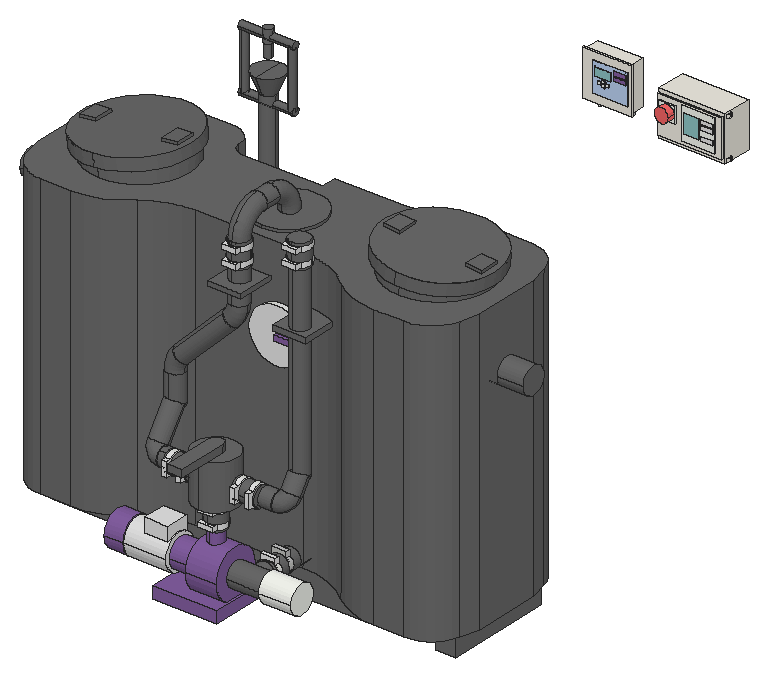
Revit family "93004.02_ms", category Generic Models, Revit 2021
Family settings
  Can host rebar = No
  Round Connector Dimension = Use Diameter
  Part Type = Normal
  Work Plane-Based = No
  Always vertical = Yes
  Cut with Voids When Loaded = No
  Shared = Yes
  Room Calculation Point = No
Parameters (values of type "93004.02_MS")
  SUPPLIER = "KESSEL"
  SA810ID06 = "4026092065037"
  SA810ID03 = "93004.02/MS"
  SA71009ID06 = 3000 W
  SA71009ID05 = 3600 W
  SA71009ID04 = 1
  SA700ID17 = 1055 mm
  SA700ID14 = "ohne Angabe"
  SA700ID13 = 70 mm
  SA700ID09 = 1458 mm
  SA700ID08 = 680 mm
  SA700ID07 = 1880 mm
  SA700ID06 = 400
  SA700ID05 = 4
  SA700ID04 = "Grease separator EasyClean free NS 4, Mix & Pump, SonicControl"
  SA500ID03 = "Sludge trap, integrated"
  SA400ID03 = "PE (Polyethylen)"
  SA250ID03 = "temperierte Umhausung"
  SA200ID03 = "free-standing set-up"
  SA100ID04 = "Abscheideranlage für Fette (Schlammfang und Fettabscheider)"
  PROCUREWEBLINK = "https://p.caden.as/kessel/93004.02%2FMS"
  PROCURELINK = "p.caden.as/kessel/93004.02%2FMS"
  PROCUREDATALASTUPDATE = "2024-05-22T12:18:14.950510334+01:00"
  PRC_SPECIFICATIONLINK = "https://ausschreiben.de/catalog/kessel/catalogItem/73ab7aaf-3c29-4873-a253-30e074b398e8"
  NN = "EasyClean free Mix & Pump grease separator"
  NBSYN = "$SA810ID03."
  NB = "93004.02/MS"
  Model = "93004.02/MS"
  Manufacturer = "KESSEL"
  MIdent = "{$CADENAS_DATA/23d-libs/kessel/kessel_vdi_import/40/abscheideranlage20fuer20fette/easyclean_free_mix_pump.prj},210 {STYP=ASS},{VTYP=3D},{NB=93004.02/MS},{LINA=93004.02/MS},{NN=EasyClean free Mix & Pump grease separator},{DATE=21.12.2022 12:04:43},{GEOMDATE=17.11.2022 09:57:07},{VERSION=},{LINEID=200},{WBVAR=},{WBNUMERIC=}  {NB=93004.02/MS},{LINA=93004.02/MS},{KT=DUMMY},{PREVIEW=../../bilder/ksb_w_9300402ms.png},{SA700ID04=Fettabscheider EasyClean free NS 4, Mix & Pump, SonicControl},{SA810ID06=4026092065037},{SA010ID04=KESSEL AG},{SA810ID03=93004.02/MS},{SA100ID04=Abscheideranlage für Fette (Schlammfang und Fettabscheider)},{SA200ID03=Freiaufstellung},{SA400ID03=PE (Polyethylen)},{SA500ID03=Schlammfang integriert},{SA700ID05=4.00},{SA700ID06=400},{SA71009ID04=1},{SA71009ID05=3.60},{SA71009ID06=3.00},{SA250ID03=temperierte Umhausung},{SA700ID07=1880},{SA700ID09=1458},{SA700ID13=70},{SA700ID17=1055},{SA700ID08=680},{SA810ID10=\\\"Der Abscheider für fetthaltiges Abwasser ist für die freie Aufstellung in frostgeschützten Räumen geeignet und verzichtet auf metallische Bauteile im Behälter. Der Sammelbehälter aus dauerhaft beständigem Kunststoff (PE) ist mit einem integrierten Schlammfang ausgestattet und besitzt ein konisch zulaufendes Bodenteil für eine schnelle und saubere Entsorgung. Zwei geruchsdichte Deckel mit Schnellspannverschlüssen ermöglichen einen einfachen Zugang für Reinigungs- und Wartungsarbeiten.Das innovative Schredder-Mix-System mit integriertem Zerhacker übernimmt die Homogenisierung und Umwälzung des Behälterinhaltes. Die Reinigung und geruchsneutrale Entsorgung erfolgt dabei über eine außenliegende Pumpe mit 2-Wege-Ventil und Umschalthebel, die mit einem Absperrschieber vom Behälter getrennt werden kann. Nach der Entsorgung sind nur noch max. 3 Liter Schlammrestvolumen im Behälter vorhanden.Die manuelle Steuerung erfolgt durch ein anwenderfreundliches Schaltgerät, das über einen potentialfreien Kontakt in die Gebäudeleittechnik eingebunden werden kann.Gewährleistung auf den Werkstoff PE 20 Jahre.Ausführung:Absperreinrichtung: jaEntsorgungsart: manuelles Entsorgungs- und ReinigungssystemEntsorgungseinrichtung: EntsorgungspumpeEntsorgungsvariante: Mix & PumpFülleinrichtung nach DIN 1988: jaNenngröße (NS): 4Schauglas: jaSchredder-Mix-System: jaSonicControl: jaWasserversorgung: 1 Schraubventil 1\\\"\\\"Tragfähigkeit (DIN 19901): F3Lieferumfang: Storz-B-Kupplung R 2 1/2 \\\"\\\" für SaugwagenanschlussEinbausituation: freie AufstellungAllgemeine Merkmale:Material: PENorm: EN 1825: 2004, DIN 4040-100Abmessungen:Aufstellfläche Länge: 2.116 mmAufstellfläche Breite: 842 mmAufstellfläche Höhe: 1.767 mmEinbringmaß Länge: 1.880 mmEinbringmaß Breite: 680 mmEinbringmaß Höhe: 1.458 mmBehälter/Grundkörper:Zulauf Nennweite (DN): 100 mmZulauf Nennweite (DA): 110 mmAuslauf Nennweite (DN): 100Auslauf Nennweite (DA): 110Abstand Rohrsohle Zulauf zu Behälterboden: 1.055 mmAbstand Rohrsohle Auslauf zu Behälterboden: 985 mmAnschluss Zu-/Auslaufstutzen: PE-HD-Rohre nach DIN 19537, HT-Rohre nach DIN 19560, PP oder ASDruckabgang (DA): 75 mmDruckabgang (DN): 65 mmNenndruck (PN): 10Abdeckungsmerkmale:Abdeckungsart: DeckelAbdeckung Material: KunststoffAbdeckung Farbe: violettDichtheit: geruchsdichtVerriegelung: SchnellspannverschlussAbwasserinhalt:Abscheiderinhalt: 400 lGesamtvolumen: 800 lSchlammfanginhalt: 400 lSpeichermenge an Fett: 160 lFördereinrichtung:Pumpe: SPF 300 KE 2.0Anzahl Pumpen: 1Förderhöhe max.: 17 mFörderleistung max.: 60 m3/hBetriebsspannung: 400 VNetzfrequenz: 50 HzBetriebsart: S2 - 30 Min.Leistung P1: 3,6 kWLeistung P2: 3 kWDrehzahl: 2.850 U/minErforderliche Absicherung (Leitungsschutz): Absicherung über Schaltgerät 400 VFörderguttemperatur (dauerhaft) max.: 40 °CAnschlusstyp: DirektanschlussGewicht: 44 kgLaufrad Typ: Radiallaufrad mit ZerhackerLänge Netzanschlussleitung Pumpe: 5 mNennstrom: 6,2 ASchutzart Pumpe: IP 55Schutzklasse: ITyp Anschlussleitung Pumpe: H07RN-F 7G 1,5 mm2Temperaturüberwachung: integriertSteuerung:Schaltgerät: jaBetriebsspannung: 400 VNetzfrequenz: 50 HzSelbstdiagnosesystem (SDS): jaBatteriepufferung: neinMehrzeilige Displayanzeige: neinLogbuchfunktion: neinUSB-Schnittstelle: neinGSM-Schnittstelle: neinPotentialfreier Kontakt: jaErforderliche Absicherung (Leitungsschutz): 3 x C 16 AErforderliche Absicherung (RCD): 30 mAMotorschutz Schalter: jaSchutzart Schaltgerät: IP 54\\\"},{SA700ID14=ohne Angabe},{LODLEVEL=0},{CATEGORY3AA=},{CATEGORY3AB=EasyClean free Mix & Pump},{CATEGORY3AC=},{CATEGORY3AD=},{CATEGORY3AE=},{CATEGORY3AF=},{BEZEICHNUNG=},{BREITE=0.0},{TIEFE=MIN},{HOEHE=MIN},{MASSE=MIN},{LOD_=0,'Low'},{LOD_DEU=0,'Low'},{LOD_3DB=93004.02/MS_0},{DNIN1=100},{DNIN2=10},{DNIN3=10},{DNIN4=10},{DNIN5=MIN},{DNIN6=MIN},{DNIN7=MIN},{DNOUT1=100},{DNOUT2=50},{ISD=80},{ISD2=10},{SA960ID03=99},{SA960ID04=3L},{SA960ID08=http://www.kessel.de/info?han=93004.02/MS},{SA010ID01=010},{SA010ID02=40},{SA010ID06=www.kessel.de},{SA010ID08=4026092000007},{SA100ID01=100},{SA100ID02=1},{SA740ID01=740},{SA200ID01=200},{SA200ID02=1},{SA250ID01=250},{SA250ID02=1},{SA400ID01=400},{SA400ID02=1},{SA500ID01=500},{SA500ID02=1},{SA700ID01=700},{SA700ID02=99},{SA700ID14_=0},{SA71009ID01=710.09},{SA71009ID02=1},{SA71009ID03=SPF 300 KE 2.0},{SA71009ID07=IP55},{SA71009ID08=1},{SA71009ID09=1},{SA71009ID10=60},{SA71009ID11=17},{SA810ID01=810},{SA810ID02=99},{SA810ID04=93004.02/MS},{SA810ID07=99},{SA810ID14=PCE},{LINK=http://www.kessel.de/info?han=93004.02/MS},{LINK_=http://www.kessel.de/info?han=93004.02/MS},{LINK_DEU=http://www.kessel.de/info?han=93004.02/MS},{LODLEVELVIS=Low}"
  LINK = "http://www.kessel.de/info?han=93004.02/MS"
  LINA = "93004.02/MS"
  Default Elevation = 0 mm
  CREATOR = "CADENAS GmbH"
  CATALOG = "KESSEL"
  BOMINFO = "LINA"
  ARTICLENO = "NB"
Reference planes
  plane 1 "Center (Front/Back)": y = 0
  plane 2: z = 0
  plane 3 "Center (Left/Right)": x = 0
Dimensions and locks
  aligned and locked: level to plane 2
Nested families
  nested 1: "93004.02_ms_content" at (0, 0, 0), type "93004.02_MS_Content"
  nested 2: "93004.02_ms_part1_X0Y0" at (1000, 1000, 1500), type "93004.02_MS_PART1_X0Y0"
  nested 3: "93004.02_ms_part2_X0Y0" at (600, 1000, 1500), type "93004.02_MS_PART2_X0Y0"
  nested 4: "93004.02_ms_part3_X0Y0" at (0, 0, 0), type "93004.02_MS_PART3_X0Y0"
Connectors
  electrical at (910.5, 933.5, 1478)
    settings: on nested 2, index 1, voltage 0 V, apparent load 0 VA, apparent load phase1 0 VA, apparent load phase2 0 VA, apparent load phase3 0 VA, power factor 1, load classification "Other", number of poles 1, system type 31, power factor state 1, is connector primary yes, connector utility no, sub classification motor no, connector description ""
  electrical at (536, 972.5, 1469)
    settings: on nested 3, index 2, voltage 0 V, apparent load 0 VA, apparent load phase1 0 VA, apparent load phase2 0 VA, apparent load phase3 0 VA, power factor 1, load classification "Other", number of poles 1, system type 31, power factor state 1, is connector primary no, connector utility no, sub classification motor no, connector description ""
  piping at (-1087.6, 0, 1113), diameter 100
    settings: on nested 4, index 3, connector inside diameter 609.6 mm, connector length 0 mm, flow factor 0, pipe flow 0.0 L/s, pressure drop 0.0 Pa, fitting loss kfactor 0, connector angle 0.00°, fixture units 0, engagement length 0 mm, angle of deflection 0.00°, flow configuration 0, flow direction 1, fitting loss method 2, system type 8, joint type 0, gender type 0, connector reference index -1, connector utility 0, adjustable connector no, is connector primary yes, connector description ""
  piping at (-305, 275, 1772.9), diameter 10
    settings: on nested 4, index 4, connector inside diameter 609.6 mm, connector length 0 mm, flow factor 0, pipe flow 0.0 L/s, pressure drop 0.0 Pa, fitting loss kfactor 0, connector angle 0.00°, fixture units 0, engagement length 0 mm, angle of deflection 0.00°, flow configuration 0, flow direction 1, fitting loss method 2, system type 8, joint type 0, gender type 0, connector reference index -1, connector utility 0, adjustable connector no, is connector primary no, connector description ""
  piping at (1034, 0, 1030), diameter 100
    settings: on nested 4, index 5, connector inside diameter 609.6 mm, connector length 0 mm, flow factor 0, pipe flow 0.0 L/s, pressure drop 0.0 Pa, fitting loss kfactor 0, connector angle 0.00°, fixture units 0, engagement length 0 mm, angle of deflection 0.00°, flow configuration 0, flow direction 2, fitting loss method 2, system type 7, joint type 0, gender type 0, connector reference index -1, connector utility 0, adjustable connector no, is connector primary no, connector description ""
  piping at (290, -303.5, 1442), diameter 50
    settings: on nested 4, index 6, connector inside diameter 609.6 mm, connector length 0 mm, flow factor 0, pipe flow 0.0 L/s, pressure drop 0.0 Pa, fitting loss kfactor 0, connector angle 0.00°, fixture units 0, engagement length 0 mm, angle of deflection 0.00°, flow configuration 0, flow direction 2, fitting loss method 2, system type 7, joint type 0, gender type 0, connector reference index -1, connector utility 0, adjustable connector no, is connector primary no, connector description ""
  electrical at (-212, -383, 248.5)
    settings: on nested 4, index 7, voltage 0 V, apparent load 0 VA, apparent load phase1 0 VA, apparent load phase2 0 VA, apparent load phase3 0 VA, power factor 1, load classification "Other", number of poles 1, system type 31, power factor state 1, is connector primary no, connector utility no, sub classification motor no, connector description ""
Definition of nested family "93004.02_ms_part1_X0Y0"
  Parameters (values of type "93004.02_MS_PART1_X0Y0")
    SUPPLIER = "KESSEL"
    SA810ID06 = "4026092065037"
    SA810ID03 = "93004.02/MS"
    SA71009ID06 = 3000 W
    SA71009ID05 = 3600 W
    SA71009ID04 = 1
    SA700ID17 = 1055 mm
    SA700ID14 = "ohne Angabe"
    SA700ID13 = 70 mm
    SA700ID09 = 1458 mm
    SA700ID08 = 680 mm
    SA700ID07 = 1880 mm
    SA700ID06 = 400
    SA700ID05 = 4
    SA700ID04 = "Grease separator EasyClean free NS 4, Mix & Pump, SonicControl"
    SA500ID03 = "Sludge trap, integrated"
    SA400ID03 = "PE (Polyethylen)"
    SA250ID03 = "temperierte Umhausung"
    SA200ID03 = "free-standing set-up"
    SA100ID04 = "Abscheideranlage für Fette (Schlammfang und Fettabscheider)"
    NBSYN = "$SA810ID03._PART1"
    NB = "93004.02/MS_PART1"
    Model = "93004.02/MS_PART1"
    Manufacturer = "KESSEL"
    MIdent = "{$CADENAS_DATA/23d-libs/kessel/kessel_vdi_import/40/abscheideranlage20fuer20fette/easyclean_free_mix_pump.prj},230 {VTYP=3D},{NB=93004.02/MS_PART1},{LINA=93004.02/MS_PART1},{NN=EasyClean free Mix & Pump grease separator_PART1},{NOPRJ=TRUE},{DATE=21.12.2022 12:04:43},{GEOMDATE=17.11.2022 09:57:07},{VERSION=},{LINEID=200},{WBVAR=},{WBNUMERIC=}  {NB=93004.02/MS_PART1},{LINA=93004.02/MS_PART1},{KT=DUMMY},{PREVIEW=../../bilder/ksb_w_9300402ms.png},{SA700ID04=Fettabscheider EasyClean free NS 4, Mix & Pump, SonicControl},{SA810ID06=4026092065037},{SA010ID04=KESSEL AG},{SA810ID03=93004.02/MS},{SA100ID04=Abscheideranlage für Fette (Schlammfang und Fettabscheider)},{SA200ID03=Freiaufstellung},{SA400ID03=PE (Polyethylen)},{SA500ID03=Schlammfang integriert},{SA700ID05=4.00},{SA700ID06=400},{SA71009ID04=1},{SA71009ID05=3.60},{SA71009ID06=3.00},{SA250ID03=temperierte Umhausung},{SA700ID07=1880},{SA700ID09=1458},{SA700ID13=70},{SA700ID17=1055},{SA700ID08=680},{SA810ID10=\\\"Der Abscheider für fetthaltiges Abwasser ist für die freie Aufstellung in frostgeschützten Räumen geeignet und verzichtet auf metallische Bauteile im Behälter. Der Sammelbehälter aus dauerhaft beständigem Kunststoff (PE) ist mit einem integrierten Schlammfang ausgestattet und besitzt ein konisch zulaufendes Bodenteil für eine schnelle und saubere Entsorgung. Zwei geruchsdichte Deckel mit Schnellspannverschlüssen ermöglichen einen einfachen Zugang für Reinigungs- und Wartungsarbeiten.Das innovative Schredder-Mix-System mit integriertem Zerhacker übernimmt die Homogenisierung und Umwälzung des Behälterinhaltes. Die Reinigung und geruchsneutrale Entsorgung erfolgt dabei über eine außenliegende Pumpe mit 2-Wege-Ventil und Umschalthebel, die mit einem Absperrschieber vom Behälter getrennt werden kann. Nach der Entsorgung sind nur noch max. 3 Liter Schlammrestvolumen im Behälter vorhanden.Die manuelle Steuerung erfolgt durch ein anwenderfreundliches Schaltgerät, das über einen potentialfreien Kontakt in die Gebäudeleittechnik eingebunden werden kann.Gewährleistung auf den Werkstoff PE 20 Jahre.Ausführung:Absperreinrichtung: jaEntsorgungsart: manuelles Entsorgungs- und ReinigungssystemEntsorgungseinrichtung: EntsorgungspumpeEntsorgungsvariante: Mix & PumpFülleinrichtung nach DIN 1988: jaNenngröße (NS): 4Schauglas: jaSchredder-Mix-System: jaSonicControl: jaWasserversorgung: 1 Schraubventil 1\\\"\\\"Tragfähigkeit (DIN 19901): F3Lieferumfang: Storz-B-Kupplung R 2 1/2 \\\"\\\" für SaugwagenanschlussEinbausituation: freie AufstellungAllgemeine Merkmale:Material: PENorm: EN 1825: 2004, DIN 4040-100Abmessungen:Aufstellfläche Länge: 2.116 mmAufstellfläche Breite: 842 mmAufstellfläche Höhe: 1.767 mmEinbringmaß Länge: 1.880 mmEinbringmaß Breite: 680 mmEinbringmaß Höhe: 1.458 mmBehälter/Grundkörper:Zulauf Nennweite (DN): 100 mmZulauf Nennweite (DA): 110 mmAuslauf Nennweite (DN): 100Auslauf Nennweite (DA): 110Abstand Rohrsohle Zulauf zu Behälterboden: 1.055 mmAbstand Rohrsohle Auslauf zu Behälterboden: 985 mmAnschluss Zu-/Auslaufstutzen: PE-HD-Rohre nach DIN 19537, HT-Rohre nach DIN 19560, PP oder ASDruckabgang (DA): 75 mmDruckabgang (DN): 65 mmNenndruck (PN): 10Abdeckungsmerkmale:Abdeckungsart: DeckelAbdeckung Material: KunststoffAbdeckung Farbe: violettDichtheit: geruchsdichtVerriegelung: SchnellspannverschlussAbwasserinhalt:Abscheiderinhalt: 400 lGesamtvolumen: 800 lSchlammfanginhalt: 400 lSpeichermenge an Fett: 160 lFördereinrichtung:Pumpe: SPF 300 KE 2.0Anzahl Pumpen: 1Förderhöhe max.: 17 mFörderleistung max.: 60 m3/hBetriebsspannung: 400 VNetzfrequenz: 50 HzBetriebsart: S2 - 30 Min.Leistung P1: 3,6 kWLeistung P2: 3 kWDrehzahl: 2.850 U/minErforderliche Absicherung (Leitungsschutz): Absicherung über Schaltgerät 400 VFörderguttemperatur (dauerhaft) max.: 40 °CAnschlusstyp: DirektanschlussGewicht: 44 kgLaufrad Typ: Radiallaufrad mit ZerhackerLänge Netzanschlussleitung Pumpe: 5 mNennstrom: 6,2 ASchutzart Pumpe: IP 55Schutzklasse: ITyp Anschlussleitung Pumpe: H07RN-F 7G 1,5 mm2Temperaturüberwachung: integriertSteuerung:Schaltgerät: jaBetriebsspannung: 400 VNetzfrequenz: 50 HzSelbstdiagnosesystem (SDS): jaBatteriepufferung: neinMehrzeilige Displayanzeige: neinLogbuchfunktion: neinUSB-Schnittstelle: neinGSM-Schnittstelle: neinPotentialfreier Kontakt: jaErforderliche Absicherung (Leitungsschutz): 3 x C 16 AErforderliche Absicherung (RCD): 30 mAMotorschutz Schalter: jaSchutzart Schaltgerät: IP 54\\\"},{SA700ID14=ohne Angabe},{LODLEVEL=0},{CATEGORY3AA=},{CATEGORY3AB=EasyClean free Mix & Pump},{CATEGORY3AC=},{CATEGORY3AD=},{CATEGORY3AE=},{CATEGORY3AF=},{BEZEICHNUNG=},{BREITE=0.0},{TIEFE=MIN},{HOEHE=MIN},{MASSE=MIN},{LOD_=0,'Low'},{LOD_DEU=0,'Low'},{LOD_3DB=93004.02/MS_0},{DNIN1=100},{DNIN2=10},{DNIN3=10},{DNIN4=10},{DNIN5=MIN},{DNIN6=MIN},{DNIN7=MIN},{DNOUT1=100},{DNOUT2=50},{ISD=80},{ISD2=10},{SA960ID03=99},{SA960ID04=3L},{SA960ID08=http://www.kessel.de/info?han=93004.02/MS},{SA010ID01=010},{SA010ID02=40},{SA010ID06=www.kessel.de},{SA010ID08=4026092000007},{SA100ID01=100},{SA100ID02=1},{SA740ID01=740},{SA200ID01=200},{SA200ID02=1},{SA250ID01=250},{SA250ID02=1},{SA400ID01=400},{SA400ID02=1},{SA500ID01=500},{SA500ID02=1},{SA700ID01=700},{SA700ID02=99},{SA700ID14_=0},{SA71009ID01=710.09},{SA71009ID02=1},{SA71009ID03=SPF 300 KE 2.0},{SA71009ID07=IP55},{SA71009ID08=1},{SA71009ID09=1},{SA71009ID10=60},{SA71009ID11=17},{SA810ID01=810},{SA810ID02=99},{SA810ID04=93004.02/MS},{SA810ID07=99},{SA810ID14=PCE},{LINK=http://www.kessel.de/info?han=93004.02/MS},{LINK_=http://www.kessel.de/info?han=93004.02/MS},{LINK_DEU=http://www.kessel.de/info?han=93004.02/MS},{LODLEVELVIS=Low}"
    LINK = "http://www.kessel.de/info?han=93004.02/MS"
    LINA = "93004.02/MS_PART1"
    Default Elevation = 1219.2 mm
    CREATOR = "CADENAS GmbH"
    CATALOG = "KESSEL"
    BOMINFO = "LINA"
    ARTICLENO = "NB"
  Reference planes
    plane 1 "Center (Front/Back)": y = 0
    plane 2: z = 0
    plane 3 "Center (Left/Right)": x = 0
  Dimensions and locks
    aligned and locked: level to plane 2
  Nested families
    nested 1: "93004.02_ms_part1_content" at (0, 0, 0), type "93004.02_MS_PART1_Content"
  Definition of nested family "93004.02_ms_part1_content"
    Parameters (values of type "93004.02_MS_PART1_Content")
      SUPPLIER = "KESSEL"
      SA810ID06 = "4026092065037"
      SA810ID03 = "93004.02/MS"
      SA71009ID06 = 3000 W
      SA71009ID05 = 3600 W
      SA71009ID04 = 1
      SA700ID17 = 1055 mm
      SA700ID14 = "ohne Angabe"
      SA700ID13 = 70 mm
      SA700ID09 = 1458 mm
      SA700ID08 = 680 mm
      SA700ID07 = 1880 mm
      SA700ID06 = 400
      SA700ID05 = 4
      SA700ID04 = "Grease separator EasyClean free NS 4, Mix & Pump, SonicControl"
      SA500ID03 = "Sludge trap, integrated"
      SA400ID03 = "PE (Polyethylen)"
      SA250ID03 = "temperierte Umhausung"
      SA200ID03 = "free-standing set-up"
      SA100ID04 = "Abscheideranlage für Fette (Schlammfang und Fettabscheider)"
      NBSYN = "$SA810ID03._PART1"
      NB = "93004.02/MS_PART1"
      Model = "93004.02/MS_PART1"
      Manufacturer = "KESSEL"
      LINK = "http://www.kessel.de/info?han=93004.02/MS"
      LINA = "93004.02/MS_PART1"
      Default Elevation = 1219.2 mm
      CREATOR = "CADENAS GmbH"
      CATALOG = "KESSEL"
      BOMINFO = "LINA"
      ARTICLENO = "NB"
    Reference planes
      plane 1 "Center (Front/Back)": y = 0
      plane 2: z = 0
      plane 3 "Center (Left/Right)": x = 0
    Forms (mm)
      Extrusion 1, solid, detail levels medium+fine
        sketch origin (139, 0, 0) x (0, -1, 0) y (0, 0, 1)
          loop
            line (0, 188) -> (0, 0) -> (122.5, 0) -> (122.5, 188) -> (0, 188)
        from 0 to 278
      Extrusion 2, solid, detail levels medium+fine
        sketch origin (130, -122.5, 14) x (0, -1, 0) y (0, 0, 1)
          loop
            line (0, 160) -> (0, 0) -> (5, 0) -> (5, 160) -> (0, 160)
        from 0 to 269
      Extrusion 3, solid, detail levels medium+fine
        sketch origin (100, -127.5, 26) x (0, -1, 0) y (0, 0, 1)
          loop
            line (-1.5, 135) -> (-1.5, 0) -> (0.2, 0) -> (0.2, 135) -> (-1.5, 135)
        from 0 to 140
      Extrusion 4, solid, detail levels medium+fine
        sketch origin (32.5, -127.7, 55) x (0, -1, 0) y (0, 0, 1)
          loop
            line (-1.5, 79) -> (-1.5, 0) -> (0.1, 0) -> (0.1, 79) -> (-1.5, 79)
        from 0 to 65
      Extrusion 5, solid, detail levels medium+fine
        sketch origin (92.5, -127.7, 97) x (0, -1, 0) y (0, 0, 1)
          loop
            line (-1.5, 16) -> (-1.5, 0) -> (0.1, 0) -> (0.1, 16) -> (-1.5, 16)
        from 0 to 51
      Extrusion 6, solid, detail levels medium+fine
        sketch origin (92.5, -127.7, 55) x (0, -1, 0) y (0, 0, 1)
          loop
            line (-1.5, 16) -> (-1.5, 0) -> (0.1, 0) -> (0.1, 16) -> (-1.5, 16)
        from 0 to 51
      Extrusion 7, solid, detail levels medium+fine
        sketch origin (92.5, -127.7, 118) x (0, -1, 0) y (0, 0, 1)
          loop
            line (-1.5, 16) -> (-1.5, 0) -> (0.1, 0) -> (0.1, 16) -> (-1.5, 16)
        from 0 to 51
      Extrusion 8, solid, detail levels medium+fine
        sketch origin (0.25, -66.5, 1.5) x (0.866025, 0.5, 0) y (0.5, -0.866025, 0)
          loop
            circle (0, 0) r 10
        from 0 to 2.5
      Extrusion 9, solid, detail levels medium+fine
        sketch origin (-63, -127.5, 84) x (0, -1, 0) y (0, 0, 1)
          loop
            line (0, 67) -> (0, 0) -> (7, 0) -> (7, 67) -> (0, 67)
        from 0 to 67
      Extrusion 10, solid, detail levels medium+fine
        sketch origin (-96.5, -134.5, 117.5) x (1, 0, 0) y (0, 0, 1)
          loop
            circle (0, 0) r 29.5
        from 0 to 29
      Extrusion 11, solid, detail levels medium+fine
        sketch origin (30.25, -66.5, 1.5) x (0.866025, 0.5, 0) y (0.5, -0.866025, 0)
          loop
            circle (0, 0) r 10
        from 0 to 2.5
      Extrusion 12, solid, detail levels medium+fine
        sketch origin (60.25, -66.5, 1.5) x (0.866025, 0.5, 0) y (0.5, -0.866025, 0)
          loop
            circle (0, 0) r 10
        from 0 to 2.5
      Extrusion 13, solid, detail levels medium+fine
        sketch origin (-44.5, -66.5, 0) x (0.866025, 0.5, 0) y (0.5, -0.866025, 0)
          loop
            line (0, 17.321) -> (-15, 8.66) -> (-15, -8.66) -> (0, -17.321) -> (15, -8.66) -> (15, 8.66) -> (0, 17.321)
        from 0 to 22
      Extrusion 14, solid, detail levels medium+fine
        sketch origin (-89.5, -66.5, 0) x (0.866025, 0.5, 0) y (0.5, -0.866025, 0)
          loop
            line (0, 17.321) -> (-15, 8.66) -> (-15, -8.66) -> (0, -17.321) -> (15, -8.66) -> (15, 8.66) -> (0, 17.321)
        from 0 to 22
      Extrusion 15, solid, detail levels medium+fine
        sketch origin (-128, 0, 177) x (-1, 0, 0) y (0, 0, 1)
          loop
            circle (0, 0) r 7.5
        from 0 to 2
      Extrusion 16, solid, detail levels medium+fine
        sketch origin (-128, 0, 11) x (-1, 0, 0) y (0, 0, 1)
          loop
            circle (0, 0) r 7.5
        from 0 to 2
      Extrusion 17, solid, detail levels medium+fine
        sketch origin (128, 0, 11) x (-1, 0, 0) y (0, 0, 1)
          loop
            circle (0, 0) r 7.5
        from 0 to 2
      Extrusion 18, solid, detail levels medium+fine
        sketch origin (128, 0, 177) x (-1, 0, 0) y (0, 0, 1)
          loop
            circle (0, 0) r 7.5
        from 0 to 2
      Extrusion 19, solid, detail levels medium+fine
        sketch origin (143.5, -100.5, 170) x (-1, 0, 0) y (0, -1, 0)
          loop
            circle (0, 0) r 5
        from 0 to 14
      Extrusion 20, solid, detail levels medium+fine
        sketch origin (139, -100.5, 170) x (0, -1, 0) y (1, 0, 0)
          loop
            line (0, 9.5) -> (0, 0) -> (20, 0) -> (0, 9.5)
        from 0 to 14
      Extrusion 21, solid, detail levels medium+fine
        sketch origin (143.5, -100.5, 4) x (-1, 0, 0) y (0, -1, 0)
          loop
            circle (0, 0) r 5
        from 0 to 14
      Extrusion 22, solid, detail levels medium+fine
        sketch origin (139, -100.5, 4) x (0, -1, 0) y (1, 0, 0)
          loop
            line (0, 9.5) -> (0, 0) -> (20, 0) -> (0, 9.5)
        from 0 to 14
      Extrusion 23, solid, detail levels coarse
        sketch origin (4.75, -80.75, -22) x (1, 0, 0) y (0, 1, 0)
          loop
            line (-143.75, -82.75) -> (143.75, -82.75) -> (143.75, 82.75) -> (-143.75, 82.75) -> (-143.75, -82.75)
        from 0 to 210
    Dimensions and locks
      aligned and locked: level to plane 2
Definition of nested family "93004.02_ms_part2_X0Y0"
  Parameters (values of type "93004.02_MS_PART2_X0Y0")
    SUPPLIER = "KESSEL"
    SA810ID06 = "4026092065037"
    SA810ID03 = "93004.02/MS"
    SA71009ID06 = 3000 W
    SA71009ID05 = 3600 W
    SA71009ID04 = 1
    SA700ID17 = 1055 mm
    SA700ID14 = "ohne Angabe"
    SA700ID13 = 70 mm
    SA700ID09 = 1458 mm
    SA700ID08 = 680 mm
    SA700ID07 = 1880 mm
    SA700ID06 = 400
    SA700ID05 = 4
    SA700ID04 = "Grease separator EasyClean free NS 4, Mix & Pump, SonicControl"
    SA500ID03 = "Sludge trap, integrated"
    SA400ID03 = "PE (Polyethylen)"
    SA250ID03 = "temperierte Umhausung"
    SA200ID03 = "free-standing set-up"
    SA100ID04 = "Abscheideranlage für Fette (Schlammfang und Fettabscheider)"
    NBSYN = "$SA810ID03._PART2"
    NB = "93004.02/MS_PART2"
    Model = "93004.02/MS_PART2"
    Manufacturer = "KESSEL"
    MIdent = "{$CADENAS_DATA/23d-libs/kessel/kessel_vdi_import/40/abscheideranlage20fuer20fette/easyclean_free_mix_pump.prj},230 {VTYP=3D},{NB=93004.02/MS_PART2},{LINA=93004.02/MS_PART2},{NN=EasyClean free Mix & Pump grease separator_PART2},{NOPRJ=TRUE},{DATE=21.12.2022 12:04:43},{GEOMDATE=17.11.2022 09:57:07},{VERSION=},{LINEID=200},{WBVAR=},{WBNUMERIC=}  {NB=93004.02/MS_PART2},{LINA=93004.02/MS_PART2},{KT=DUMMY},{PREVIEW=../../bilder/ksb_w_9300402ms.png},{SA700ID04=Fettabscheider EasyClean free NS 4, Mix & Pump, SonicControl},{SA810ID06=4026092065037},{SA010ID04=KESSEL AG},{SA810ID03=93004.02/MS},{SA100ID04=Abscheideranlage für Fette (Schlammfang und Fettabscheider)},{SA200ID03=Freiaufstellung},{SA400ID03=PE (Polyethylen)},{SA500ID03=Schlammfang integriert},{SA700ID05=4.00},{SA700ID06=400},{SA71009ID04=1},{SA71009ID05=3.60},{SA71009ID06=3.00},{SA250ID03=temperierte Umhausung},{SA700ID07=1880},{SA700ID09=1458},{SA700ID13=70},{SA700ID17=1055},{SA700ID08=680},{SA810ID10=\\\"Der Abscheider für fetthaltiges Abwasser ist für die freie Aufstellung in frostgeschützten Räumen geeignet und verzichtet auf metallische Bauteile im Behälter. Der Sammelbehälter aus dauerhaft beständigem Kunststoff (PE) ist mit einem integrierten Schlammfang ausgestattet und besitzt ein konisch zulaufendes Bodenteil für eine schnelle und saubere Entsorgung. Zwei geruchsdichte Deckel mit Schnellspannverschlüssen ermöglichen einen einfachen Zugang für Reinigungs- und Wartungsarbeiten.Das innovative Schredder-Mix-System mit integriertem Zerhacker übernimmt die Homogenisierung und Umwälzung des Behälterinhaltes. Die Reinigung und geruchsneutrale Entsorgung erfolgt dabei über eine außenliegende Pumpe mit 2-Wege-Ventil und Umschalthebel, die mit einem Absperrschieber vom Behälter getrennt werden kann. Nach der Entsorgung sind nur noch max. 3 Liter Schlammrestvolumen im Behälter vorhanden.Die manuelle Steuerung erfolgt durch ein anwenderfreundliches Schaltgerät, das über einen potentialfreien Kontakt in die Gebäudeleittechnik eingebunden werden kann.Gewährleistung auf den Werkstoff PE 20 Jahre.Ausführung:Absperreinrichtung: jaEntsorgungsart: manuelles Entsorgungs- und ReinigungssystemEntsorgungseinrichtung: EntsorgungspumpeEntsorgungsvariante: Mix & PumpFülleinrichtung nach DIN 1988: jaNenngröße (NS): 4Schauglas: jaSchredder-Mix-System: jaSonicControl: jaWasserversorgung: 1 Schraubventil 1\\\"\\\"Tragfähigkeit (DIN 19901): F3Lieferumfang: Storz-B-Kupplung R 2 1/2 \\\"\\\" für SaugwagenanschlussEinbausituation: freie AufstellungAllgemeine Merkmale:Material: PENorm: EN 1825: 2004, DIN 4040-100Abmessungen:Aufstellfläche Länge: 2.116 mmAufstellfläche Breite: 842 mmAufstellfläche Höhe: 1.767 mmEinbringmaß Länge: 1.880 mmEinbringmaß Breite: 680 mmEinbringmaß Höhe: 1.458 mmBehälter/Grundkörper:Zulauf Nennweite (DN): 100 mmZulauf Nennweite (DA): 110 mmAuslauf Nennweite (DN): 100Auslauf Nennweite (DA): 110Abstand Rohrsohle Zulauf zu Behälterboden: 1.055 mmAbstand Rohrsohle Auslauf zu Behälterboden: 985 mmAnschluss Zu-/Auslaufstutzen: PE-HD-Rohre nach DIN 19537, HT-Rohre nach DIN 19560, PP oder ASDruckabgang (DA): 75 mmDruckabgang (DN): 65 mmNenndruck (PN): 10Abdeckungsmerkmale:Abdeckungsart: DeckelAbdeckung Material: KunststoffAbdeckung Farbe: violettDichtheit: geruchsdichtVerriegelung: SchnellspannverschlussAbwasserinhalt:Abscheiderinhalt: 400 lGesamtvolumen: 800 lSchlammfanginhalt: 400 lSpeichermenge an Fett: 160 lFördereinrichtung:Pumpe: SPF 300 KE 2.0Anzahl Pumpen: 1Förderhöhe max.: 17 mFörderleistung max.: 60 m3/hBetriebsspannung: 400 VNetzfrequenz: 50 HzBetriebsart: S2 - 30 Min.Leistung P1: 3,6 kWLeistung P2: 3 kWDrehzahl: 2.850 U/minErforderliche Absicherung (Leitungsschutz): Absicherung über Schaltgerät 400 VFörderguttemperatur (dauerhaft) max.: 40 °CAnschlusstyp: DirektanschlussGewicht: 44 kgLaufrad Typ: Radiallaufrad mit ZerhackerLänge Netzanschlussleitung Pumpe: 5 mNennstrom: 6,2 ASchutzart Pumpe: IP 55Schutzklasse: ITyp Anschlussleitung Pumpe: H07RN-F 7G 1,5 mm2Temperaturüberwachung: integriertSteuerung:Schaltgerät: jaBetriebsspannung: 400 VNetzfrequenz: 50 HzSelbstdiagnosesystem (SDS): jaBatteriepufferung: neinMehrzeilige Displayanzeige: neinLogbuchfunktion: neinUSB-Schnittstelle: neinGSM-Schnittstelle: neinPotentialfreier Kontakt: jaErforderliche Absicherung (Leitungsschutz): 3 x C 16 AErforderliche Absicherung (RCD): 30 mAMotorschutz Schalter: jaSchutzart Schaltgerät: IP 54\\\"},{SA700ID14=ohne Angabe},{LODLEVEL=0},{CATEGORY3AA=},{CATEGORY3AB=EasyClean free Mix & Pump},{CATEGORY3AC=},{CATEGORY3AD=},{CATEGORY3AE=},{CATEGORY3AF=},{BEZEICHNUNG=},{BREITE=0.0},{TIEFE=MIN},{HOEHE=MIN},{MASSE=MIN},{LOD_=0,'Low'},{LOD_DEU=0,'Low'},{LOD_3DB=93004.02/MS_0},{DNIN1=100},{DNIN2=10},{DNIN3=10},{DNIN4=10},{DNIN5=MIN},{DNIN6=MIN},{DNIN7=MIN},{DNOUT1=100},{DNOUT2=50},{ISD=80},{ISD2=10},{SA960ID03=99},{SA960ID04=3L},{SA960ID08=http://www.kessel.de/info?han=93004.02/MS},{SA010ID01=010},{SA010ID02=40},{SA010ID06=www.kessel.de},{SA010ID08=4026092000007},{SA100ID01=100},{SA100ID02=1},{SA740ID01=740},{SA200ID01=200},{SA200ID02=1},{SA250ID01=250},{SA250ID02=1},{SA400ID01=400},{SA400ID02=1},{SA500ID01=500},{SA500ID02=1},{SA700ID01=700},{SA700ID02=99},{SA700ID14_=0},{SA71009ID01=710.09},{SA71009ID02=1},{SA71009ID03=SPF 300 KE 2.0},{SA71009ID07=IP55},{SA71009ID08=1},{SA71009ID09=1},{SA71009ID10=60},{SA71009ID11=17},{SA810ID01=810},{SA810ID02=99},{SA810ID04=93004.02/MS},{SA810ID07=99},{SA810ID14=PCE},{LINK=http://www.kessel.de/info?han=93004.02/MS},{LINK_=http://www.kessel.de/info?han=93004.02/MS},{LINK_DEU=http://www.kessel.de/info?han=93004.02/MS},{LODLEVELVIS=Low}"
    LINK = "http://www.kessel.de/info?han=93004.02/MS"
    LINA = "93004.02/MS_PART2"
    Default Elevation = 1219.2 mm
    CREATOR = "CADENAS GmbH"
    CATALOG = "KESSEL"
    BOMINFO = "LINA"
    ARTICLENO = "NB"
  Reference planes
    plane 1 "Center (Front/Back)": y = 0
    plane 2: z = 0
    plane 3 "Center (Left/Right)": x = 0
  Dimensions and locks
    aligned and locked: level to plane 2
  Nested families
    nested 1: "93004.02_ms_part2_content" at (0, 0, 0), type "93004.02_MS_PART2_Content"
  Definition of nested family "93004.02_ms_part2_content"
    Parameters (values of type "93004.02_MS_PART2_Content")
      SUPPLIER = "KESSEL"
      SA810ID06 = "4026092065037"
      SA810ID03 = "93004.02/MS"
      SA71009ID06 = 3000 W
      SA71009ID05 = 3600 W
      SA71009ID04 = 1
      SA700ID17 = 1055 mm
      SA700ID14 = "ohne Angabe"
      SA700ID13 = 70 mm
      SA700ID09 = 1458 mm
      SA700ID08 = 680 mm
      SA700ID07 = 1880 mm
      SA700ID06 = 400
      SA700ID05 = 4
      SA700ID04 = "Grease separator EasyClean free NS 4, Mix & Pump, SonicControl"
      SA500ID03 = "Sludge trap, integrated"
      SA400ID03 = "PE (Polyethylen)"
      SA250ID03 = "temperierte Umhausung"
      SA200ID03 = "free-standing set-up"
      SA100ID04 = "Abscheideranlage für Fette (Schlammfang und Fettabscheider)"
      NBSYN = "$SA810ID03._PART2"
      NB = "93004.02/MS_PART2"
      Model = "93004.02/MS_PART2"
      Manufacturer = "KESSEL"
      LINK = "http://www.kessel.de/info?han=93004.02/MS"
      LINA = "93004.02/MS_PART2"
      Default Elevation = 1219.2 mm
      CREATOR = "CADENAS GmbH"
      CATALOG = "KESSEL"
      BOMINFO = "LINA"
      ARTICLENO = "NB"
    Reference planes
      plane 1 "Center (Front/Back)": y = 0
      plane 2: z = 0
      plane 3 "Center (Left/Right)": x = 0
    Forms (mm)
      Extrusion 1, solid, detail levels medium+fine
        sketch origin (94, 0, 5) x (0, -1, 0) y (0, 0, 1)
          loop
            line (0, 184) -> (0, 0) -> (64.5, 0) -> (64.5, 184) -> (0, 184)
        from 0 to 188
      Extrusion 2, solid, detail levels medium+fine
        sketch origin (104, -64.5, 0) x (0, -1, 0) y (0, 0, 1)
          loop
            line (0, 194) -> (0, 0) -> (3.5, 0) -> (3.5, 194) -> (0, 194)
        from 0 to 208
      Extrusion 3, solid, detail levels medium+fine
        sketch origin (86.3, -68, 33.2) x (0, -1, 0) y (0, 0, 1)
          loop
            line (-0.5, 127) -> (-0.5, 0) -> (1, 0) -> (1, 127) -> (-0.5, 127)
        from 0 to 146
      Extrusion 4, solid, detail levels medium+fine
        sketch origin (6.8, -69, 77.2) x (0, -1, 0) y (0, 0, 1)
          loop
            line (-0.5, 12) -> (-0.5, 0) -> (1, 0) -> (1, 12) -> (-0.5, 12)
        from 0 to 12
      Extrusion 5, solid, detail levels medium+fine
        sketch origin (-9.7, -69, 85.45) x (0, -1, 0) y (0, 0, 1)
          loop
            line (-0.5, 12) -> (-0.5, 0) -> (1, 0) -> (1, 12) -> (-0.5, 12)
        from 0 to 12
      Extrusion 6, solid, detail levels medium+fine
        sketch origin (-9.7, -69, 68.95) x (0, -1, 0) y (0, 0, 1)
          loop
            line (-0.5, 12) -> (-0.5, 0) -> (1, 0) -> (1, 12) -> (-0.5, 12)
        from 0 to 12
      Extrusion 7, solid, detail levels medium+fine
        sketch origin (13.3, -69, 100.45) x (0, -1, 0) y (0, 0, 1)
          loop
            line (-0.5, 37) -> (-0.5, 0) -> (1, 0) -> (1, 37) -> (-0.5, 37)
        from 0 to 65
      Extrusion 8, solid, detail levels medium+fine
        sketch origin (78.8, -69, 110.7) x (0, -1, 0) y (0, 0, 1)
          loop
            line (-0.5, 16) -> (-0.5, 0) -> (1, 0) -> (1, 16) -> (-0.5, 16)
        from 0 to 51
      Extrusion 9, solid, detail levels medium+fine
        sketch origin (-26.2, -69, 77.2) x (0, -1, 0) y (0, 0, 1)
          loop
            line (-0.5, 12) -> (-0.5, 0) -> (1, 0) -> (1, 12) -> (-0.5, 12)
        from 0 to 12
      Extrusion 10, solid, detail levels medium+fine
        sketch origin (78.75, -69, 130.75) x (0, -1, 0) y (0, 0, 1)
          loop
            line (-0.5, 16) -> (-0.5, 0) -> (1, 0) -> (1, 16) -> (-0.5, 16)
        from 0 to 51
      Extrusion 11, solid, detail levels medium+fine
        sketch origin (-64, -27.5, 5) x (1, 0, 0) y (0, -1, 0)
          loop
            circle (0, 0) r 12
        from 0 to 26
      Extrusion 12, solid, detail levels medium+fine
        sketch origin (-64, -27.5, -21) x (1, 0, 0) y (0, -1, 0)
          loop
            circle (0, 0) r 5
        from 0 to 10
      Extrusion 13, solid, detail levels medium+fine
        sketch origin (67, -27.5, 5) x (1, 0, 0) y (0, -1, 0)
          loop
            circle (0, 0) r 12
        from 0 to 26
      Extrusion 14, solid, detail levels coarse
        sketch origin (0, -35, -31) x (1, 0, 0) y (0, 1, 0)
          loop
            line (-104, -35) -> (104, -35) -> (104, 35) -> (-104, 35) -> (-104, -35)
        from 0 to 225
    Dimensions and locks
      aligned and locked: level to plane 2
Definition of nested family "93004.02_ms_part3_X0Y0"
  Parameters (values of type "93004.02_MS_PART3_X0Y0")
    SUPPLIER = "KESSEL"
    SA810ID06 = "4026092065037"
    SA810ID03 = "93004.02/MS"
    SA71009ID06 = 3000 W
    SA71009ID05 = 3600 W
    SA71009ID04 = 1
    SA700ID17 = 1055 mm
    SA700ID14 = "ohne Angabe"
    SA700ID13 = 70 mm
    SA700ID09 = 1458 mm
    SA700ID08 = 680 mm
    SA700ID07 = 1880 mm
    SA700ID06 = 400
    SA700ID05 = 4
    SA700ID04 = "Grease separator EasyClean free NS 4, Mix & Pump, SonicControl"
    SA500ID03 = "Sludge trap, integrated"
    SA400ID03 = "PE (Polyethylen)"
    SA250ID03 = "temperierte Umhausung"
    SA200ID03 = "free-standing set-up"
    SA100ID04 = "Abscheideranlage für Fette (Schlammfang und Fettabscheider)"
    NBSYN = "$SA810ID03._PART3"
    NB = "93004.02/MS_PART3"
    Model = "93004.02/MS_PART3"
    Manufacturer = "KESSEL"
    MIdent = "{$CADENAS_DATA/23d-libs/kessel/kessel_vdi_import/40/abscheideranlage20fuer20fette/easyclean_free_mix_pump.prj},230 {VTYP=3D},{NB=93004.02/MS_PART3},{LINA=93004.02/MS_PART3},{NN=EasyClean free Mix & Pump grease separator_PART3},{NOPRJ=TRUE},{DATE=21.12.2022 12:04:43},{GEOMDATE=17.11.2022 09:57:07},{VERSION=},{LINEID=200},{WBVAR=},{WBNUMERIC=}  {NB=93004.02/MS_PART3},{LINA=93004.02/MS_PART3},{KT=DUMMY},{PREVIEW=../../bilder/ksb_w_9300402ms.png},{SA700ID04=Fettabscheider EasyClean free NS 4, Mix & Pump, SonicControl},{SA810ID06=4026092065037},{SA010ID04=KESSEL AG},{SA810ID03=93004.02/MS},{SA100ID04=Abscheideranlage für Fette (Schlammfang und Fettabscheider)},{SA200ID03=Freiaufstellung},{SA400ID03=PE (Polyethylen)},{SA500ID03=Schlammfang integriert},{SA700ID05=4.00},{SA700ID06=400},{SA71009ID04=1},{SA71009ID05=3.60},{SA71009ID06=3.00},{SA250ID03=temperierte Umhausung},{SA700ID07=1880},{SA700ID09=1458},{SA700ID13=70},{SA700ID17=1055},{SA700ID08=680},{SA810ID10=\\\"Der Abscheider für fetthaltiges Abwasser ist für die freie Aufstellung in frostgeschützten Räumen geeignet und verzichtet auf metallische Bauteile im Behälter. Der Sammelbehälter aus dauerhaft beständigem Kunststoff (PE) ist mit einem integrierten Schlammfang ausgestattet und besitzt ein konisch zulaufendes Bodenteil für eine schnelle und saubere Entsorgung. Zwei geruchsdichte Deckel mit Schnellspannverschlüssen ermöglichen einen einfachen Zugang für Reinigungs- und Wartungsarbeiten.Das innovative Schredder-Mix-System mit integriertem Zerhacker übernimmt die Homogenisierung und Umwälzung des Behälterinhaltes. Die Reinigung und geruchsneutrale Entsorgung erfolgt dabei über eine außenliegende Pumpe mit 2-Wege-Ventil und Umschalthebel, die mit einem Absperrschieber vom Behälter getrennt werden kann. Nach der Entsorgung sind nur noch max. 3 Liter Schlammrestvolumen im Behälter vorhanden.Die manuelle Steuerung erfolgt durch ein anwenderfreundliches Schaltgerät, das über einen potentialfreien Kontakt in die Gebäudeleittechnik eingebunden werden kann.Gewährleistung auf den Werkstoff PE 20 Jahre.Ausführung:Absperreinrichtung: jaEntsorgungsart: manuelles Entsorgungs- und ReinigungssystemEntsorgungseinrichtung: EntsorgungspumpeEntsorgungsvariante: Mix & PumpFülleinrichtung nach DIN 1988: jaNenngröße (NS): 4Schauglas: jaSchredder-Mix-System: jaSonicControl: jaWasserversorgung: 1 Schraubventil 1\\\"\\\"Tragfähigkeit (DIN 19901): F3Lieferumfang: Storz-B-Kupplung R 2 1/2 \\\"\\\" für SaugwagenanschlussEinbausituation: freie AufstellungAllgemeine Merkmale:Material: PENorm: EN 1825: 2004, DIN 4040-100Abmessungen:Aufstellfläche Länge: 2.116 mmAufstellfläche Breite: 842 mmAufstellfläche Höhe: 1.767 mmEinbringmaß Länge: 1.880 mmEinbringmaß Breite: 680 mmEinbringmaß Höhe: 1.458 mmBehälter/Grundkörper:Zulauf Nennweite (DN): 100 mmZulauf Nennweite (DA): 110 mmAuslauf Nennweite (DN): 100Auslauf Nennweite (DA): 110Abstand Rohrsohle Zulauf zu Behälterboden: 1.055 mmAbstand Rohrsohle Auslauf zu Behälterboden: 985 mmAnschluss Zu-/Auslaufstutzen: PE-HD-Rohre nach DIN 19537, HT-Rohre nach DIN 19560, PP oder ASDruckabgang (DA): 75 mmDruckabgang (DN): 65 mmNenndruck (PN): 10Abdeckungsmerkmale:Abdeckungsart: DeckelAbdeckung Material: KunststoffAbdeckung Farbe: violettDichtheit: geruchsdichtVerriegelung: SchnellspannverschlussAbwasserinhalt:Abscheiderinhalt: 400 lGesamtvolumen: 800 lSchlammfanginhalt: 400 lSpeichermenge an Fett: 160 lFördereinrichtung:Pumpe: SPF 300 KE 2.0Anzahl Pumpen: 1Förderhöhe max.: 17 mFörderleistung max.: 60 m3/hBetriebsspannung: 400 VNetzfrequenz: 50 HzBetriebsart: S2 - 30 Min.Leistung P1: 3,6 kWLeistung P2: 3 kWDrehzahl: 2.850 U/minErforderliche Absicherung (Leitungsschutz): Absicherung über Schaltgerät 400 VFörderguttemperatur (dauerhaft) max.: 40 °CAnschlusstyp: DirektanschlussGewicht: 44 kgLaufrad Typ: Radiallaufrad mit ZerhackerLänge Netzanschlussleitung Pumpe: 5 mNennstrom: 6,2 ASchutzart Pumpe: IP 55Schutzklasse: ITyp Anschlussleitung Pumpe: H07RN-F 7G 1,5 mm2Temperaturüberwachung: integriertSteuerung:Schaltgerät: jaBetriebsspannung: 400 VNetzfrequenz: 50 HzSelbstdiagnosesystem (SDS): jaBatteriepufferung: neinMehrzeilige Displayanzeige: neinLogbuchfunktion: neinUSB-Schnittstelle: neinGSM-Schnittstelle: neinPotentialfreier Kontakt: jaErforderliche Absicherung (Leitungsschutz): 3 x C 16 AErforderliche Absicherung (RCD): 30 mAMotorschutz Schalter: jaSchutzart Schaltgerät: IP 54\\\"},{SA700ID14=ohne Angabe},{LODLEVEL=0},{CATEGORY3AA=},{CATEGORY3AB=EasyClean free Mix & Pump},{CATEGORY3AC=},{CATEGORY3AD=},{CATEGORY3AE=},{CATEGORY3AF=},{BEZEICHNUNG=},{BREITE=0.0},{TIEFE=MIN},{HOEHE=MIN},{MASSE=MIN},{LOD_=0,'Low'},{LOD_DEU=0,'Low'},{LOD_3DB=93004.02/MS_0},{DNIN1=100},{DNIN2=10},{DNIN3=10},{DNIN4=10},{DNIN5=MIN},{DNIN6=MIN},{DNIN7=MIN},{DNOUT1=100},{DNOUT2=50},{ISD=80},{ISD2=10},{SA960ID03=99},{SA960ID04=3L},{SA960ID08=http://www.kessel.de/info?han=93004.02/MS},{SA010ID01=010},{SA010ID02=40},{SA010ID06=www.kessel.de},{SA010ID08=4026092000007},{SA100ID01=100},{SA100ID02=1},{SA740ID01=740},{SA200ID01=200},{SA200ID02=1},{SA250ID01=250},{SA250ID02=1},{SA400ID01=400},{SA400ID02=1},{SA500ID01=500},{SA500ID02=1},{SA700ID01=700},{SA700ID02=99},{SA700ID14_=0},{SA71009ID01=710.09},{SA71009ID02=1},{SA71009ID03=SPF 300 KE 2.0},{SA71009ID07=IP55},{SA71009ID08=1},{SA71009ID09=1},{SA71009ID10=60},{SA71009ID11=17},{SA810ID01=810},{SA810ID02=99},{SA810ID04=93004.02/MS},{SA810ID07=99},{SA810ID14=PCE},{LINK=http://www.kessel.de/info?han=93004.02/MS},{LINK_=http://www.kessel.de/info?han=93004.02/MS},{LINK_DEU=http://www.kessel.de/info?han=93004.02/MS},{LODLEVELVIS=Low}"
    LINK = "http://www.kessel.de/info?han=93004.02/MS"
    LINA = "93004.02/MS_PART3"
    Default Elevation = 1219.2 mm
    CREATOR = "CADENAS GmbH"
    CATALOG = "KESSEL"
    BOMINFO = "LINA"
    ARTICLENO = "NB"
  Reference planes
    plane 1 "Center (Front/Back)": y = 0
    plane 2: z = 0
    plane 3 "Center (Left/Right)": x = 0
  Dimensions and locks
    aligned and locked: level to plane 2
  Nested families
    nested 1: "93004.02_ms_part3_content" at (0, 0, 0), type "93004.02_MS_PART3_Content"
  Definition of nested family "93004.02_ms_part3_content"
    Parameters (values of type "93004.02_MS_PART3_Content")
      SUPPLIER = "KESSEL"
      SA810ID06 = "4026092065037"
      SA810ID03 = "93004.02/MS"
      SA71009ID06 = 3000 W
      SA71009ID05 = 3600 W
      SA71009ID04 = 1
      SA700ID17 = 1055 mm
      SA700ID14 = "ohne Angabe"
      SA700ID13 = 70 mm
      SA700ID09 = 1458 mm
      SA700ID08 = 680 mm
      SA700ID07 = 1880 mm
      SA700ID06 = 400
      SA700ID05 = 4
      SA700ID04 = "Grease separator EasyClean free NS 4, Mix & Pump, SonicControl"
      SA500ID03 = "Sludge trap, integrated"
      SA400ID03 = "PE (Polyethylen)"
      SA250ID03 = "temperierte Umhausung"
      SA200ID03 = "free-standing set-up"
      SA100ID04 = "Abscheideranlage für Fette (Schlammfang und Fettabscheider)"
      NBSYN = "$SA810ID03._PART3"
      NB = "93004.02/MS_PART3"
      Model = "93004.02/MS_PART3"
      Manufacturer = "KESSEL"
      LINK = "http://www.kessel.de/info?han=93004.02/MS"
      LINA = "93004.02/MS_PART3"
      Default Elevation = 1219.2 mm
      CREATOR = "CADENAS GmbH"
      CATALOG = "KESSEL"
      BOMINFO = "LINA"
      ARTICLENO = "NB"
    Reference planes
      plane 1 "Center (Front/Back)": y = 0
      plane 2: z = 0
      plane 3 "Center (Left/Right)": x = 0
    Forms (mm)
      Extrusion 1, solid, detail levels medium+fine
        sketch origin (-850.5, -183.5, 0) x (0, 1, 0) y (0, 0, 1)
          loop
            line (1, 113) -> (1, 0) -> (449, 0) -> (449, 113) -> (1, 113)
        from 0 to 286.5
      Extrusion 2, solid, detail levels medium+fine
        sketch origin (-9.5, -2.5, 113) x (0, 1, 0) y (-1, 0, 0)
          loop
            arc (-216.61, 912.68) -> (-302.399, 860.489) -> (-336, 765.86) r 149.909
            line (-336, 765.86) -> (-336, 640)
            arc (-336, 640) -> (-313.522, 526.027) -> (-249.9, 428.83) r 303.723
            arc (-249.9, 428.83) -> (-198.75, 339.201) -> (-181, 237.542) r 299.987
            line (-181, 237.542) -> (-181, -218.052)
            arc (-181, -218.052) -> (-202.401, -338.562) -> (-263.987, -444.335) r 350
            arc (-263.987, -444.335) -> (-317.309, -535.794) -> (-336, -640) r 303.723
            line (-336, -640) -> (-336, -765.86)
            arc (-336, -765.86) -> (-304.392, -858.004) -> (-223.79, -912.71) r 153.9
            line (-223.79, -912.71) -> (-142.5, -930) -> (142.5, -930) -> (222.13, -911.43)
            arc (222.13, -911.43) -> (301.133, -860.13) -> (334.47, -772.03) r 151.293
            line (334.47, -772.03) -> (343.79, -509.89)
            arc (343.79, -509.89) -> (340.734, -482.369) -> (330.25, -456.74) r 100.035
            arc (330.25, -456.74) -> (286.393, -371.057) -> (271, -276.04) r 309.293
            line (271, -276.04) -> (271, 9.5) -> (205, 9.5) -> (205, 350.05)
            arc (205, 350.05) -> (216.468, 381.913) -> (245.61, 399.16) r 49.999
            line (245.61, 399.16) -> (287.5, 404.91)
            arc (287.5, 404.91) -> (327.387, 451.104) -> (343.79, 509.89) r 139.785
            line (343.79, 509.89) -> (334.47, 772.03)
            arc (334.47, 772.03) -> (301.133, 860.13) -> (222.13, 911.43) r 151.293
            line (222.13, 911.43) -> (142.5, 930) -> (-142.5, 930) -> (-216.61, 912.68)
        from 0 to 1192
      Extrusion 3, solid, detail levels medium+fine
        sketch origin (115, -183.5, 967.5) x (1, 0, 0) y (0, 0, 1)
          loop
            circle (0, 0) r 114
        from -25 to 25
      Extrusion 4, solid, detail levels medium+fine
        sketch origin (235, -208.5, 955.75) x (0, -1, 0) y (0, 0, 1)
          loop
            line (0, 23.5) -> (0, 0) -> (15, 0) -> (15, 23.5) -> (0, 23.5)
        from 0 to 120
      Extrusion 5, solid, detail levels medium+fine
        sketch origin (359, -357.5, 1110) x (0, 1, 0) y (0, 0, -1)
          loop
            line (0, 20.5) -> (0, 0) -> (174, 0) -> (174, 20.5) -> (0, 20.5)
        from 0 to 138
      Extrusion 6, solid, detail levels medium+fine
        sketch origin (290, -303.5, 553) x (0, 1, 0) y (-1, 0, 0)
          loop
            circle (0, 0) r 37.5
        from 0 to 789
      Revolve 7, solid, detail levels medium+fine
        sketch origin (290, -303.5, 553) x (-1, 0, 0) y (0, -0.819152, 0.573577)
          loop
            line (0, 37.5) -> (0, -37.5)
            arc (0, -37.5) -> (37.5, 0) -> (0, 37.5) r 37.5
          axis (0, -37.5) -> (0, 37.5)
        angle from -360 to 0
      Extrusion 8, solid, detail levels medium+fine
        sketch origin (291, -350.204, 494.128) x (-1, 0, 0) y (0, -0.819152, 0.573577)
          loop
            circle (0, 0) r 37.5
        from 0 to 75
      Revolve 9, solid, detail levels medium+fine
        sketch origin (253, -372, 463) x (0, 0.573576, 0.819152) y (0, -0.819152, 0.573576)
          loop
            circle (0, 0) r 37
          axis (38, 0) -> (38, -1)
        angle from -90 to 0
      Extrusion 10, solid, detail levels medium+fine
        sketch origin (27, -372, 463) x (0, 0.573576, 0.819152) y (0, -0.819152, 0.573576)
          loop
            circle (0, 0) r 37.5
        from 0 to 227
      Extrusion 11, solid, detail levels medium+fine
        sketch origin (94.5, -383, 464) x (0, 1, 0) y (0, 0, 1)
          loop
            circle (0, 0) r 42
        from 0 to 100
      Extrusion 12, solid, detail levels medium+fine
        sketch origin (164.5, -383, 464) x (0, 1, 0) y (0, 0, 1)
          loop
            line (-56, -30) -> (-33.541, -30)
            arc (-33.541, -30) -> (45, 0) -> (-33.541, 30) r 45
            line (-33.541, 30) -> (-56, 30) -> (-56, -30)
        from 0 to 20
      Extrusion 13, solid, detail levels medium+fine
        sketch origin (104.5, -383, 464) x (0, 1, 0) y (0, 0, 1)
          loop
            line (-56, -30) -> (-33.541, -30)
            arc (-33.541, -30) -> (45, 0) -> (-33.541, 30) r 45
            line (-33.541, 30) -> (-56, 30) -> (-56, -30)
        from 0 to 20
      Extrusion 14, solid, detail levels medium+fine
        sketch origin (0, -383, 384.5) x (0, 1, 0) y (-1, 0, 0)
          loop
            circle (0, 0) r 89.5
        from 0 to 188
      Extrusion 15, solid, detail levels medium+fine
        sketch origin (0, -383, 572.5) x (0, 1, 0) y (-1, 0, 0)
          loop
            line (-216, 30) -> (-216, -30) -> (0, -30)
            arc (0, -30) -> (30, 0) -> (0, 30) r 30
            line (0, 30) -> (-216, 30)
        from 0 to 30
      Extrusion 16, solid, detail levels medium+fine
        sketch origin (27, -372, 463) x (0, -0.573576, 0.819152) y (0, 0.819152, 0.573576)
          loop
            circle (0, 0) r 37.5
        from 0 to 257.5
      Extrusion 17, solid, detail levels medium+fine
        sketch origin (-94.5, -383, 464) x (0, 1, 0) y (0, 0, -1)
          loop
            circle (0, 0) r 42
        from 0 to 100
      Revolve 18, solid, detail levels medium+fine
        sketch origin (-230.5, -372, 463) x (0, 0.573577, 0.819152) y (0, 0.819152, -0.573577)
          loop
            circle (0, 0) r 37.5
          axis (38, 0) -> (38, -1)
        angle from -90 to 0
      Extrusion 19, solid, detail levels medium+fine
        sketch origin (-268.5, -351.795, 490.335) x (-1, 0, 0) y (0, -0.819152, 0.573577)
          loop
            circle (0, 0) r 37.5
        from 0 to 150
      Revolve 20, solid, detail levels medium+fine
        sketch origin (-268.5, -260, 613) x (0, 1, 0) y (0, 0, 1)
          loop
            line (0, 37.5) -> (0, -37.5)
            arc (0, -37.5) -> (37.5, 0) -> (0, 37.5) r 37.5
          axis (0, -37.5) -> (0, 37.5)
        angle from -360 to 0
      Extrusion 21, solid, detail levels medium+fine
        sketch origin (-268.5, -260, 613) x (0, 1, 0) y (-1, 0, 0)
          loop
            circle (0, 0) r 37.5
        from 0 to 116
      Revolve 22, solid, detail levels medium+fine
        sketch origin (-268.5, -260, 729) x (1, 0, 0) y (0, 1, 0)
          loop
            circle (0, 0) r 37
          axis (100, 0) -> (100, -1)
        angle from -45 to 0
      Extrusion 23, solid, detail levels medium+fine
        sketch origin (-239.281, -260, 799.64) x (0.5, 0.707107, -0.5) y (-0.5, 0.707107, 0.5)
          loop
            circle (0, 0) r 37.5
        from 0 to 298.1
      Revolve 24, solid, detail levels medium+fine
        sketch origin (-29.2, -260, 1009.721) x (-0.707107, 0, 0.707107) y (0, -1, 0)
          loop
            circle (0, 0) r 37
          axis (100, 0) -> (100, -1)
        angle from -45 to 0
      Extrusion 25, solid, detail levels medium+fine
        sketch origin (-104.5, -383, 464) x (0, 1, 0) y (0, 0, -1)
          loop
            line (-56, -30) -> (-33.541, -30)
            arc (-33.541, -30) -> (45, 0) -> (-33.541, 30) r 45
            line (-33.541, 30) -> (-56, 30) -> (-56, -30)
        from 0 to 20
      Extrusion 26, solid, detail levels medium+fine
        sketch origin (-164.5, -383, 464) x (0, 1, 0) y (0, 0, -1)
          loop
            line (-56, -30) -> (-33.541, -30)
            arc (-33.541, -30) -> (45, 0) -> (-33.541, 30) r 45
            line (-33.541, 30) -> (-56, 30) -> (-56, -30)
        from 0 to 20
      Extrusion 27, solid, detail levels medium+fine
        sketch origin (-9.5, -42, 113) x (1, 0, 0) y (0, 1, 0)
          loop
            arc (-430.48, 353.36) -> (-416.819, 341.029) -> (-404.91, 327) r 138.804
            line (-404.91, 327) -> (-399.16, 285.11)
            arc (-399.16, 285.11) -> (-381.913, 255.968) -> (-350.05, 244.5) r 49.999
            line (-350.05, 244.5) -> (9.5, 244.5) -> (9.5, 310.5) -> (-276.04, 310.5)
            arc (-276.04, 310.5) -> (-356.159, 321.486) -> (-430.48, 353.36) r 301.667
        from 0 to 705
      Extrusion 28, solid, detail levels medium+fine
        sketch origin (290, -303.5, 1342) x (0, 1, 0) y (-1, 0, 0)
          loop
            circle (0, 0) r 42
        from 0 to 100
      Extrusion 29, solid, detail levels medium+fine
        sketch origin (290, -303.5, 1352) x (0, 1, 0) y (-1, 0, 0)
          loop
            circle (0, 0) r 45
        from 0 to 20
      Extrusion 30, solid, detail levels medium+fine
        sketch origin (290, -303.5, 1412) x (0, 1, 0) y (-1, 0, 0)
          loop
            circle (0, 0) r 45
        from 0 to 20
      Extrusion 31, solid, detail levels medium+fine
        sketch origin (260, -334.5, 1372) x (0, 0, -1) y (1, 0, 0)
          loop
            line (0, 60) -> (0, 0) -> (20, 0) -> (20, 60) -> (0, 60)
        from 0 to 25
      Extrusion 32, solid, detail levels medium+fine
        sketch origin (260, -334.5, 1432) x (0, 0, -1) y (1, 0, 0)
          loop
            line (0, 60) -> (0, 0) -> (20, 0) -> (20, 60) -> (0, 60)
        from 0 to 25
      Extrusion 33, solid, detail levels medium+fine
        sketch origin (-348.5, 202.5, 1119.2) x (0, 1, 0) y (0, 0, 1)
          loop
            line (0, 29.3) -> (0, 0) -> (120, 0) -> (120, 29.3) -> (0, 29.3)
        from 0 to 88
      Extrusion 34, solid, detail levels medium+fine
        sketch origin (-305, 275, 1003) x (1, 0, 0) y (0, 1, 0)
          loop
            circle (0, 0) r 31.5
        from 0 to 526.6
      Revolve 35, solid, detail levels medium+fine
        sketch origin (-110, 275, 1003) x (0, 1, 0) y (-1, 0, 0)
          loop
            circle (0, 0) r 31.5
          axis (0, 97.5) -> (-1, 97.5)
        angle from 0 to 180
      Extrusion 36, solid, detail levels medium+fine
        sketch origin (-110, 275, 1088.5) x (0, -1, 0) y (-1, 0, 0)
          loop
            circle (0, 0) r 31.5
        from 0 to 85.5
      Extrusion 37, solid, detail levels medium+fine
        sketch origin (-419.945, 274.499, 1494.316) x (0, 1, 0) y (0, 0, 1)
          loop
            circle (0, 0) r 15
        from 0 to 230
      Extrusion 38, solid, detail levels medium+fine
        sketch origin (-204.945, 274.499, 1743.316) x (1, 0, 0) y (0, -1, 0)
          loop
            circle (0, 0) r 15
        from 0 to 249
      Extrusion 39, solid, detail levels medium+fine
        sketch origin (-420, 274.5, 1743.25) x (0, 1, 0) y (0, 0, 1)
          loop
            circle (0, 0) r 15
        from 0 to 230
      Extrusion 40, solid, detail levels medium+fine
        sketch origin (-305, 275, 1720.9) x (1, 0, 0) y (0, 1, 0)
          loop
            circle (0, 0) r 19.25
        from 0 to 52
      Extrusion 41, solid, detail levels medium+fine
        sketch origin (-305, 275, 1662.9) x (1, 0, 0) y (0, 1, 0)
          loop
            circle (0, 0) r 14
        from 0 to 58
      Extrusion 42, solid, detail levels medium+fine
        sketch origin (-405.056, 274.499, 1743.316) x (1, 0, 0) y (0, -1, 0)
          loop
            circle (0, 0) r 15
        from 0 to 249
      Revolve 43, solid, detail levels medium+fine
        sketch origin (-305, 275, 1529.6) x (0, 0, 1) y (0, 1, 0)
          loop
            line (0, 0) -> (81, 0) -> (81, 65) -> (0, 31) -> (0, 0)
          axis (81, 0) -> (0, 0)
        angle from -360 to 0
